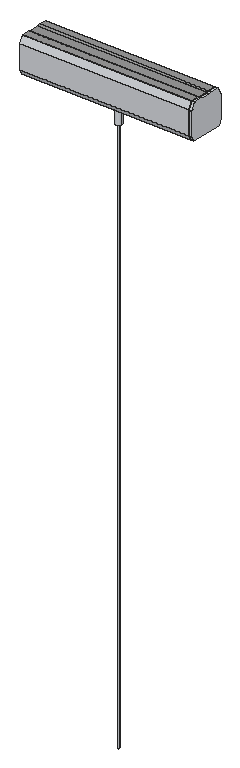
Revit family "0042549 Sylvania Lighting Fixture ISOLINE ACC LIVE FEED 5_8C", category Lighting Fixtures, host Face, Revit 2018
Family settings
  Host = Face
  Round Connector Dimension = Use Diameter
  Part Type = Normal
  OmniClass Number = 23.80.70.00
  OmniClass Title = Lighting
  Cut with Voids When Loaded = No
  Light Source = No
  Shared = No
  Room Calculation Point = No
Parameters (values of type "0042549 ISOLINE ACC LIVE FEED 5/8C")
  suspension height = 1000 mm
  spacer height = 5 mm
  spacer centres = 1000 mm
  height = 58.791 mm
  Width = 62 mm
  Weight = "n/a"
  Wattage Comments = ""
  WarrantyStartDate [instance] = "n/a"
  WarrantyGuarantorParts = "n/a"
  WarrantyDurationUnit = "n/a"
  WarrantyDurationParts = ""
  WarrantyDescription = "http://www.sylvania-lighting.com"
  Voltage = 0 V
  URL = "0"
  TypeName = "ISOLINE ACC LIVE FEED 5/8C"
  Type Image = <None>
  Type Comments = "n/a"
  SerialNumber [instance] = "n/a"
  Material_3_FEILO = none
  PowerFactor = 0
  PowerConsumption = "Lighting"
  NominalLength = 0 mm
  NominalHeight = 0 mm
  NominalDepth = 0 mm
  Name = "ISOLINE ACC LIVE FEED 5/8C"
  ModelReference = Name  # "ISOLINE ACC LIVE FEED 5/8C"
  ModelNumber = "0042549"
  Model = Name  # "ISOLINE ACC LIVE FEED 5/8C"
  Material = "Feilo Sylvania"
  ManufacturerName = "n/a"
  Manufacturer = ""
  LuminousEfficacy = ""
  LuminaireType = "0"
  LightOutputRatio = "LED"
  Length = 290 mm
  LampsType = Lamp  # "n/a"
  LampNominalLuminous = "n/a"
  LampMacAdamStep = "n/a"
  LampColourTemperature = "LED"
  LampColourRenderingIndex = "16500"
  Lamp = "n/a"
  Keynote = "n/a"
  InstallationDate [instance] = "n/a"
  InputVoltage = "0"
  InputNominalFrequency = ""
  IngressProtection = "IfcLightFixtureType"
  ImpactProtectionIndex = "IfcLightFixtureType"
  IfcExportType = "IfcLightFixtureType"
  IfcExportAs = "n/a"
  Height = 1000 mm
  ExpectedLife = 50000
  ElectricShockClassification = ""
  DurationUnit = "hours"
  DocumentationLiterature = "http://www.sylvania-lighting.com/product/en-int/products/0042549"
  DimmingControlOptions = "n/a"
  Material_2_FEILO = none
  Description = "Live feed unit for power line connection"
  Default Elevation = 1219.2 mm
  CreatedOn = "08/03/2021"
  CreatedBy = "@sylvania-lighting.com"
  Cost = 0
  built-in parameter 1114216 [instance] = (empty or 0)
  ClassificationValue = "EF_70_80"
  ClassificationName = "Uniclass2015"
  Material_1_FEILO = none
  BarCode [instance] = "n/a"
  AssetType = "Fixed"
  AssetIdentifier [instance] = "n/a"
  Assembly Code = "D5020200"
  Apparent Load = 0 VA
  Material_4_FEILO = none
Reference planes
  plane 1 "Center (Front/Back)": y = 0
  plane 2: z = 0
  plane 3 "Center (Left/Right)": x = 0
  plane 4: z = 0
  plane 5: z = 1000
  plane 6: y = 31
  plane 7: y = -31
  plane 8: x = -145
  plane 9: x = 145
  plane 10: x = -37.307
  plane 11: x = 55
  plane 12: z = 1058.791
  plane 13: z = 51
  plane 14: y = -27
  plane 15: y = 27
  plane 16: z = 12
  plane 17: y = -24.969
  plane 18: y = 25
  plane 19: y = 12
  plane 20: y = -12
  plane 21: z = 1.634
  plane 22: y = -8
  plane 23: y = 8
  plane 24: z = 995
  plane 25: y = 26.98
  plane 26: y = 16.98
  plane 27: y = -27.027
  plane 28: y = -17.004
  plane 29: z = 996.5
  plane 30: y = 26.002
  plane 31: y = -26.027
  plane 32: through (-1580, 7.965, 1219.2) normal (0.5391, 0.8423, 0)
  plane 33: through (-1555, 7.965, 1219.2) normal (0.5391, -0.8423, 0)
  plane 34: through (1555, 7.965, 1219.2) normal (0.5391, 0.8423, 0)
  plane 35: through (1580, 8, 1219.2) normal (0.5399, -0.8417, 0)
  plane 36: z = 1058.003
  plane 37: z = 1056.819
  plane 38: x = -735
  plane 39: x = 735
Forms (mm)
  Extrusion 1, solid, detail levels medium+fine
    sketch origin (-1690, -1523.717, -160.594) x (0, -1, -0.000261) y (0, 0.000261, -1)
      loop
        line (-1493, -1168.2) -> (-1497, -1160.2) -> (-1551, -1160.2) -> (-1555, -1168.2) -> (-1555, -1207.2) -> (-1549.109, -1218.982) -> (-1535.466, -1218.982) -> (-1532, -1217.566) -> (-1516, -1217.566) -> (-1512.511, -1218.991) -> (-1498.896, -1218.991) -> (-1493, -1207.2) -> (-1493, -1168.2)
    from 1545 to 1835
  Extrusion 2, solid
    sketch origin (-12.474, 1524, 1219.247) x (0, 1, 0) y (0, 0, 1)
      loop
        line (-1497.021, -219.189) -> (-1498.02, -219.189) -> (-1507.02, -223.699) -> (-1541.004, -223.699) -> (-1550.017, -219.203) -> (-1551.02, -219.203) -> (-1541.004, -224.2) -> (-1507.02, -224.2) -> (-1497.021, -219.189)
    from 0 to 25
  Extrusion 3, solid
    sketch origin (1571.695, 0.056, 0) x (1, 0, 0) y (0, 1, 0)
      loop
        circle (-1571.7, -0.035) r 5
    from 962.277 to 995
  Extrusion 4, solid
    sketch origin (1571.704, 0.045, 0) x (1, 0, 0) y (0, 1, 0)
      loop
        circle (-1571.7, -0.035) r 1.5
    from 0 to 962.277
  Extrusion 5, solid, material "Glass, White, High Luminance", detail levels fine
    sketch origin (319, 1524, 1219.2) x (0, 1, 0) y (0, 0, 1)
      loop
        line (-1498.926, -160.099) -> (-1512.703, -160.099) -> (-1516.213, -161.534) -> (-1531.9, -161.534) -> (-1535.47, -160.114) -> (-1549.12, -160.114) -> (-1549.12, -161.197) -> (-1535.782, -161.197) -> (-1532.805, -162.381) -> (-1515.468, -162.381) -> (-1512.929, -161.197) -> (-1498.926, -161.197) -> (-1498.926, -160.099)
    from -464 to -174
  Extrusion 6, solid, detail levels coarse
    sketch origin (319, 1524, 1219.2) x (0, 1, 0) y (0, 0, 1)
      loop
        line (-1493, -160.052) -> (-1555, -160.052) -> (-1555, -1219.2) -> (-1493, -1219.2) -> (-1493, -160.052)
    from -464 to -169
  Extrusion 7, solid
    sketch origin (319, 1524, 1219.2) x (0, 1, 0) y (0, 0, 1)
      loop
        line (-1498.921, -160.417) -> (-1512.567, -160.417) -> (-1516.03, -161.833) -> (-1532.035, -161.833) -> (-1535.53, -160.406) -> (-1549.138, -160.406) -> (-1555.042, -172.221) -> (-1555.042, -211.169) -> (-1551.016, -219.217) -> (-1497.002, -219.217) -> (-1493.012, -211.233) -> (-1493.012, -172.228) -> (-1498.921, -160.417)
    from -174 to -169
Dimensions and locks
  "Width": plane 6 to plane 7
  equal spacing: plane 6, plane 1 "Center (Front/Back)", plane 7
  "Length": plane 8 to plane 9
  equal spacing: plane 8, plane 3 "Center (Left/Right)", plane 9
  "height": plane 12 to plane 5
  "suspension height": plane 5 to level
  aligned and locked: host face to plane 2
  aligned and locked: host face to level
  aligned and locked: plane 9 to Extrusion 1
  aligned and locked: Extrusion 1 to plane 8
  aligned and locked: Extrusion 6 to plane 8
  aligned and locked: Extrusion 5 to plane 8
Automatic sketch dimensions
  host sketch curve to host sketch curve = 3582.803 mm
  host sketch curve to host sketch curve = 2438.4 mm
  Extrusion 1 sketch curve to plane 25 = 0 mm
  Extrusion 1 sketch curve to plane 6 = 0.033 mm
  Extrusion 1 sketch curve to plane 12 = 11.778 mm
  Extrusion 1 sketch curve to Extrusion 1 sketch curve = 4 mm  (x2)
  Extrusion 1 sketch curve to Extrusion 1 sketch curve = 5.891 mm
  Extrusion 1 sketch curve to Extrusion 1 sketch curve = 13.643 mm
  Extrusion 1 sketch curve to Extrusion 1 sketch curve = 3.466 mm
  Extrusion 1 sketch curve to Extrusion 1 sketch curve = 16 mm
  Extrusion 1 sketch curve to Extrusion 1 sketch curve = 3.489 mm
  Extrusion 1 sketch curve to Extrusion 1 sketch curve = 13.615 mm
  Extrusion 1 sketch curve to Extrusion 1 sketch curve = 54 mm
  Extrusion 1 sketch curve to Extrusion 1 sketch curve = 47 mm
  Extrusion 1 sketch curve to Extrusion 1 sketch curve = 10.366 mm
  Extrusion 1 sketch curve to Extrusion 1 sketch curve = 1.425 mm
  Extrusion 1 sketch curve to Extrusion 1 sketch curve = 11.782 mm
  Extrusion 1 sketch curve to Extrusion 1 sketch curve = 8 mm  (x2)
  Extrusion 2 sketch curve to plane 28 = 0 mm  (x2)
  Extrusion 2 sketch curve to plane 26 = 0 mm  (x2)
  plane 5 to Extrusion 2 sketch curve = 0.058 mm
  Extrusion 2 sketch curve to plane 31 = 0.01 mm
  Extrusion 2 sketch curve to plane 27 = 0.007 mm
  plane 30 to Extrusion 2 sketch curve = 0.022 mm
  plane 25 to Extrusion 2 sketch curve = 0.001 mm
  plane 5 to Extrusion 2 sketch curve = 0.044 mm
  plane 24 to Extrusion 2 sketch curve = 0.547 mm
  plane 24 to Extrusion 2 sketch curve = 0.047 mm
  Extrusion 3 sketch curve to plane 1 "Center (Front/Back)" = 0.02 mm
  Extrusion 4 sketch curve to plane 1 "Center (Front/Back)" = 0.01 mm
  Extrusion 5 sketch curve to plane 36 = 0 mm  (x2)
  Extrusion 5 sketch curve to plane 37 = 0 mm
  plane 17 to Extrusion 5 sketch curve = 0.151 mm
  Extrusion 5 sketch curve to plane 20 = 0.218 mm
  plane 12 to Extrusion 5 sketch curve = 0.295 mm
  Extrusion 5 sketch curve to plane 20 = 0.53 mm
  plane 22 to Extrusion 5 sketch curve = 0.805 mm
  Extrusion 5 sketch curve to plane 22 = 0.1 mm
  plane 23 to Extrusion 5 sketch curve = 0.213 mm
  Extrusion 5 sketch curve to plane 23 = 0.532 mm
  plane 19 to Extrusion 5 sketch curve = 0.929 mm
  Extrusion 5 sketch curve to plane 18 = 0.074 mm
  plane 37 to Extrusion 5 sketch curve = 0.848 mm
  plane 19 to Extrusion 5 sketch curve = 0.703 mm
  plane 12 to Extrusion 5 sketch curve = 0.31 mm
  Extrusion 6 sketch curve to plane 7 = 0 mm
  Extrusion 6 sketch curve to plane 6 = 0 mm
  Extrusion 6 sketch curve to plane 29 = 996.5 mm
  plane 12 to Extrusion 6 sketch curve = 0.357 mm
  Extrusion 3 sketch curve to plane 39 = 735.005 mm
  Extrusion 4 sketch curve to plane 39 = 734.996 mm
  Extrusion 7 sketch curve to plane 7 = 0.042 mm
  Extrusion 7 sketch curve to plane 27 = 0.012 mm
  plane 12 to Extrusion 7 sketch curve = 0.003 mm
  plane 17 to Extrusion 7 sketch curve = 0.169 mm
  Extrusion 7 sketch curve to plane 20 = 0.47 mm
  plane 22 to Extrusion 7 sketch curve = 0.035 mm
  plane 23 to Extrusion 7 sketch curve = 0.03 mm
  Extrusion 7 sketch curve to plane 12 = 0.008 mm
  plane 19 to Extrusion 7 sketch curve = 0.567 mm
  Extrusion 7 sketch curve to plane 18 = 0.079 mm
  plane 15 to Extrusion 7 sketch curve = 0.002 mm
  Extrusion 7 sketch curve to plane 6 = 0.012 mm
  plane 37 to Extrusion 7 sketch curve = 0.549 mm
  Extrusion 7 sketch curve to plane 37 = 9.84 mm
  plane 5 to Extrusion 7 sketch curve = 8.031 mm
  plane 5 to Extrusion 7 sketch curve = 7.967 mm
  Extrusion 7 sketch curve to plane 5 = 0.017 mm
  Extrusion 7 sketch curve to plane 37 = 9.847 mm
  radius of Extrusion 3 sketch curve = 5 mm
  radius of Extrusion 4 sketch curve = 1.5 mm
Connectors
  electrical at (0, -0.02, 1000.004)
    settings: on Extrusion 1, index 1, voltage 0 V, apparent load 0 VA, apparent load phase1 0 VA, apparent load phase2 0 VA, apparent load phase3 0 VA, power factor 1, load classification "Other", number of poles 1, system type 31, power factor state 1, is connector primary yes, connector utility no, sub classification motor no, connector description ""
